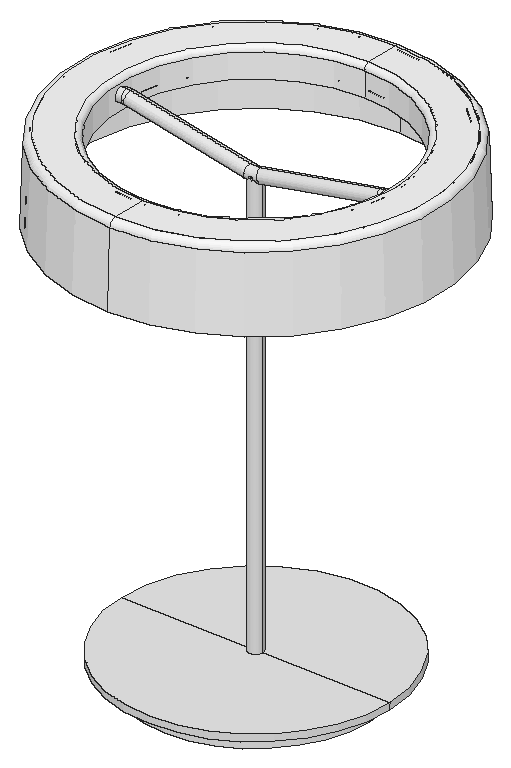
Revit family "Indoor_Table Lamp_Santa&Cole_Sin S-L", category Luminarias, Revit 2018
Family settings
  Cota de conector redondo = Diámetro de uso
  Tipo de pieza = Normal
  Número OmniClass = 23.80.70.00
  Título OmniClass = Lighting
  Se basa en plano de trabajo = No
  Siempre vertical = Sí
  Corte con vacíos al cargar = No
  Origen de luz = Sí
  Compartido = No
  Punto de cálculo de habitación = No
Parameters (values of type "Sin S - S&C White Metal Structure with Methacrylate Lampshade")
  Ángulo de inclinación = 90.00°  # constant formula
  Visibility_Sin S = yes
  Visibility_Sin L = no
  Visibility_Lampshade_Sin S = yes
  Visibility_Lampshade_Sin L = no
  Wattage = 4.72594 W
  Technical Information = "https://www.santacole.com/recursos/productos/downloads/pdf_espec_tecnicas/SC_SIN_data%20sheet.pdf"
  Structure Material = Santa & Cole - White Matte Finish
  built-in parameter 1150110 = 1 (stored number, unit not read)
  URL = "https://www.santacole.com/en/catalogue/table-lamps/sin"
  Manufacturer website = "http://www.santacole.com"
  Light Source Elevation = 340 mm
  Lampshade Material = Santa & Cole - White Methacrylate
  Forma visible en renderización = no
  built-in parameter 1114217 = 0.2 (stored number, unit not read)
  built-in parameter 1150109 = 1 (stored number, unit not read)
  Energy Label = "https://www.santacole.com/recursos/productos/downloads/pdf_energy_label/Energy%20Label_SIN_LED_no%20changed.pdf"
  Diámetro de círculo de emisión = 250 mm
  Designed by = "Antoni Arola. 2013"
  Contact phone = "+34.938.619.100"
  Contact e-mail = "info@santacole.com"
  built-in parameter 1150134 = (empty or 0)
  built-in parameter 1150113 = 1 (stored number, unit not read)
  Modelo = "Sin"
  Fabricante = "Santa & Cole"
  Lumens = 702 lm
  built-in parameter 1150115 = 1 (stored number, unit not read)
  built-in parameter 1150105 = 55.863 (stored number, unit not read)
  Load = 12.5 W
  built-in parameter 1150137 = (empty or 0)
  built-in parameter 1150139 = (empty or 0)
  built-in parameter 1150112 = 1 (stored number, unit not read)
  built-in parameter 1150114 = 1 (stored number, unit not read)
  Lamp = ""
  built-in parameter 1150132 = 2
  built-in parameter 1150102 = (empty or 0)
  built-in parameter 1150138 = (empty or 0)
  built-in parameter 1150107 = 2700 (stored number, unit not read)
  built-in parameter 1150106 = 0.55863 (stored number, unit not read)
  built-in parameter 1150104 = 13.8 (stored number, unit not read)
  Code = "SIN2x+SINSx"
  Dimming Lamp Color Temperature Shift = (empty or 0)
  Color Filter = 16777215
  built-in parameter 1114218 = 1 (stored number, unit not read)
  Assembly instructions - UL = "https://www.santacole.com/recursos/productos/downloads/pdf_montaje/SIN_Sobremesa_im_UL.pdf"
  Assembly instructions - CE = "https://www.santacole.com/recursos/productos/downloads/pdf_montaje/SIN_Sobremesa_%20im.pdf"
  Archivo de red fotométrica = "SIN2x+SINS1.IES"
  built-in parameter 1150133 = 10 (stored number, unit not read)
  Apparent Load = 12.5 VA
Types (10, lengths in mm): name | Visibility_Sin S | Visibility_Sin L | Visibility_Lampshade_Sin S | Visibility_Lampshade_Sin L | Wattage | Structure Material | Light Source Elevation | Lampshade Material | Diámetro de círculo de emisión | Lumens | built-in parameter 1150105 | Load | built-in parameter 1150106 | Code | Archivo de red fotométrica | Apparent Load
  Sin L - S&C White Metal Structure with Methacrylate Lampshade | no | yes | no | yes | 9.45187 W | Santa & Cole - White Matte Finish | 560 | Santa & Cole - White Methacrylate | 50 | 1404 lm | 111.73 (stored number, unit not read) | 25 W | 1.1173 (stored number, unit not read) | "SIN2x" | "SIN3x+SINL1.IES" | 25 VA
  Sin L - S&C White Metal Structure with Aluminium Lampshade | no | yes | no | yes | 9.45187 W | Santa & Cole - White Matte Finish | 560 | Santa & Cole - Aluminium | 50 | 1404 lm | 111.73 (stored number, unit not read) | 25 W | 1.1173 (stored number, unit not read) | "SIN3x+SINLx" | "SIN3x+SINL1.IES" | 25 VA
  Sin L - S&C White Metal Structure | no | yes | no | no | 9.45187 W | Santa & Cole - White Matte Finish | 560 | Santa & Cole - Aluminium | 50 | 1404 lm | 111.73 (stored number, unit not read) | 25 W | 1.1173 (stored number, unit not read) | "SIN3x" | "SIN3x.IES" | 25 VA
  Sin L - Graphite Metal Structure | no | yes | no | no | 9.45187 W | Santa & Cole - Metallic Graphite Grey | 560 | Santa & Cole - Aluminium | 50 | 1404 lm | 111.73 (stored number, unit not read) | 25 W | 1.1173 (stored number, unit not read) | "SIN3x" | "SIN3x.IES" | 25 VA
  Sin L - Graphite Metal Structure with Aluminium Lampshade | no | yes | no | yes | 9.45187 W | Santa & Cole - Metallic Graphite Grey | 560 | Santa & Cole - Aluminium | 50 | 1404 lm | 111.73 (stored number, unit not read) | 25 W | 1.1173 (stored number, unit not read) | "SIN3x+SINLx" | "SIN3x+SINL1.IES" | 25 VA
  Sin S - Graphite Metal Structure | yes | no | no | no | 4.72594 W | Santa & Cole - Metallic Graphite Grey | 360 | Santa & Cole - Aluminium | 50 | 702 lm | 55.863 (stored number, unit not read) | 12.5 W | 0.55863 (stored number, unit not read) | "SIN2x" | "SIN2x.IES" | 12.5 VA
  Sin S - Graphite Metal Structure with Aluminium Lampshade | yes | no | yes | no | 4.72594 W | Santa & Cole - Metallic Graphite Grey | 360 | Santa & Cole - Aluminium | 50 | 702 lm | 55.863 (stored number, unit not read) | 12.5 W | 0.55863 (stored number, unit not read) | "SIN2x+SINSx" | "SIN2x+SINS1.IES" | 12.5 VA
  Sin S - S&C White Metal Structure | yes | no | no | no | 4.72594 W | Santa & Cole - White Matte Finish | 360 | Santa & Cole - Aluminium | 50 | 702 lm | 55.863 (stored number, unit not read) | 12.5 W | 0.55863 (stored number, unit not read) | "SIN2x" | "SIN2x.IES" | 12.5 VA
  Sin S - S&C White Metal Structure with Aluminium Lampshade | yes | no | yes | no | 4.72594 W | Santa & Cole - White Matte Finish | 360 | Santa & Cole - Aluminium | 50 | 702 lm | 55.863 (stored number, unit not read) | 12.5 W | 0.55863 (stored number, unit not read) | "SIN2x+SINSx" | "SIN2x+SINS1.IES" | 12.5 VA
  Sin S - S&C White Metal Structure with Methacrylate Lampshade | yes | no | yes | no | 4.72594 W | Santa & Cole - White Matte Finish | 340 | Santa & Cole - White Methacrylate | 250 | 702 lm | 55.863 (stored number, unit not read) | 12.5 W | 0.55863 (stored number, unit not read) | "SIN2x+SINSx" | "SIN2x+SINS1.IES" | 12.5 VA
Reference planes
  plane 1 "Light Source Axis (F/B)": y = 0
  plane 2: z = 0
  plane 3 "Light Source Axis (L/R)": x = 0
  plane 4 "Light Source Elevation": z = 340
Forms (mm)
  Revolve 1, solid, material "Santa & Cole - White Matte Finish" <- "Structure Material", visible <- "Visibility_Sin L"
    sketch origin (0, 0, 0) x (1, 0, 0) y (0, 0, 1)
      loop
        line (-5, 531.977) -> (-5, 188) -> (-6, 188) -> (-6, 18) -> (-150, 18) -> (-150, 13) -> (-135, 13) -> (-135, 0) -> (0, 0) -> (0, 531.977) -> (-5, 531.977)
      axis (0, 0) -> (0, 531.977)
    angle from 0 to 360
  Revolve 2, solid, material "Santa & Cole - White Matte Finish" <- "Structure Material", visible <- "Visibility_Sin L"
    sketch origin (0, 0, 0) x (0, 1, 0) y (0, 0, 1)
      loop
        line (227, 570.5) -> (227, 574.5)
        arc (227, 574.5) -> (226.414, 575.914) -> (225, 576.5) r 2
        line (225, 576.5) -> (206.5, 576.5)
        arc (206.5, 576.5) -> (205.086, 575.914) -> (204.5, 574.5) r 2
        line (204.5, 574.5) -> (204.5, 560.885)
        arc (204.5, 560.885) -> (204.871, 560.108) -> (205.708, 559.907) r 1
        line (205.708, 559.907) -> (225.336, 564.079)
        arc (225.336, 564.079) -> (226.464, 564.763) -> (226.921, 566) r 2
        line (226.921, 566) -> (227, 570.5)
      axis (0, 559.907) -> (0, 576.5)
    angle from 0 to 360
  Sweep 3, solid, material "Santa & Cole - White Matte Finish" <- "Structure Material", visible <- "Visibility_Sin L"
    path origin (0, 0, 0) x (1, 0, 0) y (0, 0, 1)
      loop
        line (-204.5, 574.15) -> (-196, 574.15)
        arc (-196, 574.15) -> (-194.562, 574.081) -> (-193.138, 573.874) r 15
        line (-193.138, 573.874) -> (-4.007, 537.111)
        arc (-4.007, 537.111) -> (0, 536.725) -> (4.007, 537.111) r 21
        line (4.007, 537.111) -> (193.138, 573.874)
        arc (193.138, 573.874) -> (194.562, 574.081) -> (196, 574.15) r 15
        line (196, 574.15) -> (204.5, 574.15)
    profile origin (-98.572, 0, 555.493) x (0.190809, 0, 0.981627) y (0, -1, 0)
      loop
        circle (-5, 0) r 5
  Revolve 4, solid, material "Santa & Cole - White Methacrylate" <- "Lampshade Material", visible <- "Visibility_Lampshade_Sin L"
    sketch origin (0, 0, 0) x (0, 1, 0) y (0, 0, 1)
      loop
        arc (202.5, 578) -> (201.793, 577.707) -> (201.5, 577) r 1
        line (201.5, 577) -> (201.5, 557.5) -> (203, 557.5) -> (203, 575.5)
        arc (203, 575.5) -> (203.293, 576.207) -> (204, 576.5) r 1
        line (204, 576.5) -> (232.986, 576.5)
        arc (232.986, 576.5) -> (233.693, 576.207) -> (233.986, 575.499) r 1.001
        line (233.986, 575.499) -> (237.339, 479.5) -> (238.84, 479.5) -> (235.433, 577.069)
        arc (235.433, 577.069) -> (235.139, 577.729) -> (234.469, 578) r 0.965
        line (234.469, 578) -> (202.5, 578)
      axis (0, 479.5) -> (0, 578)
    angle from 0 to 360
  Revolve 5, solid, material "Santa & Cole - White Matte Finish" <- "Structure Material", visible <- "Visibility_Sin S"
    sketch origin (0, 0, 0) x (1, 0, 0) y (0, 0, 1)
      loop
        line (-5, 18.03) -> (-100, 18.03) -> (-100, 13.03) -> (-85, 13.03) -> (-85, 0) -> (0, 0) -> (0, 335.83) -> (-5, 335.83) -> (-5, 18.03)
      axis (0, 0) -> (0, 335.83)
    angle from 0 to 360
  Revolve 6, solid, material "Santa & Cole - White Methacrylate" <- "Lampshade Material", visible <- "Visibility_Lampshade_Sin S"
    sketch origin (0, 0, 0) x (0, 1, 0) y (0, 0, 1)
      loop
        line (130.572, 364.18) -> (105.5, 364.18)
        arc (105.5, 364.18) -> (102.672, 363.008) -> (101.5, 360.18) r 4
        line (101.5, 360.18) -> (101.5, 342.18) -> (104.5, 342.18) -> (104.5, 360.18)
        arc (104.5, 360.18) -> (104.793, 360.887) -> (105.5, 361.18) r 1
        line (105.5, 361.18) -> (130.64, 361.18)
        arc (130.64, 361.18) -> (131.981, 360.638) -> (132.569, 359.317) r 1.93
        line (132.569, 359.317) -> (134.493, 304.18) -> (137.495, 304.18) -> (135.569, 359.354)
        arc (135.569, 359.354) -> (134.045, 362.777) -> (130.572, 364.18) r 5
      axis (0, 304.18) -> (0, 364.18)
    angle from 0 to 360
  Revolve 7, solid, material "Santa & Cole - White Matte Finish" <- "Structure Material", visible <- "Visibility_Sin S"
    sketch origin (0, 0, 0) x (0, 1, 0) y (0, 0, 1)
      loop
        line (127.5, 355.18) -> (127.5, 359.18)
        arc (127.5, 359.18) -> (126.914, 360.594) -> (125.5, 361.18) r 2
        line (125.5, 361.18) -> (107, 361.18)
        arc (107, 361.18) -> (105.586, 360.594) -> (105, 359.18) r 2
        line (105, 359.18) -> (105, 345.515)
        arc (105, 345.515) -> (105.371, 344.738) -> (106.208, 344.537) r 1
        line (106.208, 344.537) -> (125.837, 348.709)
        arc (125.837, 348.709) -> (126.964, 349.393) -> (127.421, 350.63) r 2
        line (127.421, 350.63) -> (127.5, 355.18)
      axis (0, 344.537) -> (0, 361.18)
    angle from 0 to 360
  Sweep 8, solid, material "Santa & Cole - White Matte Finish" <- "Structure Material", visible <- "Visibility_Sin S"
    path origin (0, 0, 0) x (1, 0, 0) y (0, 0, 1)
      loop
        line (-105, 358.83) -> (-96.057, 358.83)
        arc (-96.057, 358.83) -> (-94.62, 358.761) -> (-93.195, 358.554) r 15
        line (-93.195, 358.554) -> (-3.985, 341.214)
        arc (-3.985, 341.214) -> (0, 340.83) -> (3.985, 341.214) r 20.886
        line (3.985, 341.214) -> (93.195, 358.554)
        arc (93.195, 358.554) -> (94.62, 358.761) -> (96.057, 358.83) r 15
        line (96.057, 358.83) -> (105, 358.83)
    profile origin (-48.59, 0, 349.884) x (0.190809, 0, 0.981627) y (0, -1, 0)
      loop
        circle (-5, 0) r 5
  Revolve 9, solid, material "Santa & Cole - White Matte Finish" <- "Structure Material", visible <- "Visibility_Sin L", not visible
    sketch origin (0, 0, 0) x (1, 0, 0) y (0, 0, 1)
      loop
        line (-5, 531.977) -> (-5, 188) -> (-6, 188) -> (-6, 18) -> (-150, 18) -> (-150, 13) -> (-135, 13) -> (-135, 0) -> (0, 0) -> (0, 531.977) -> (-5, 531.977)
      axis (0, 0) -> (0, 531.977)
    angle from 0 to 360
  Revolve 10, solid, material "Santa & Cole - White Matte Finish" <- "Structure Material", visible <- "Visibility_Sin L", not visible
    sketch origin (0, 0, 0) x (0, 1, 0) y (0, 0, 1)
      loop
        line (227, 570.5) -> (227, 574.5)
        arc (227, 574.5) -> (226.414, 575.914) -> (225, 576.5) r 2
        line (225, 576.5) -> (206.5, 576.5)
        arc (206.5, 576.5) -> (205.086, 575.914) -> (204.5, 574.5) r 2
        line (204.5, 574.5) -> (204.5, 560.885)
        arc (204.5, 560.885) -> (204.871, 560.108) -> (205.708, 559.907) r 1
        line (205.708, 559.907) -> (225.336, 564.079)
        arc (225.336, 564.079) -> (226.464, 564.763) -> (226.921, 566) r 2
        line (226.921, 566) -> (227, 570.5)
      axis (0, 559.907) -> (0, 576.5)
    angle from 0 to 360
  Sweep 11, solid, material "Santa & Cole - White Matte Finish" <- "Structure Material", visible <- "Visibility_Sin L", not visible
    path origin (0, 0, 0) x (1, 0, 0) y (0, 0, 1)
      loop
        line (-204.5, 574.15) -> (-196, 574.15)
        arc (-196, 574.15) -> (-194.562, 574.081) -> (-193.138, 573.874) r 15
        line (-193.138, 573.874) -> (-4.007, 537.111)
        arc (-4.007, 537.111) -> (0, 536.725) -> (4.007, 537.111) r 21
        line (4.007, 537.111) -> (193.138, 573.874)
        arc (193.138, 573.874) -> (194.562, 574.081) -> (196, 574.15) r 15
        line (196, 574.15) -> (204.5, 574.15)
    profile origin (-98.572, 0, 555.493) x (0.190809, 0, 0.981627) y (0, -1, 0)
      loop
        circle (-5, 0) r 5
  Revolve 12, solid, material "Santa & Cole - White Methacrylate" <- "Lampshade Material", visible <- "Visibility_Lampshade_Sin L", not visible
    sketch origin (0, 0, 0) x (0, 1, 0) y (0, 0, 1)
      loop
        arc (202.5, 578) -> (201.793, 577.707) -> (201.5, 577) r 1
        line (201.5, 577) -> (201.5, 557.5) -> (203, 557.5) -> (203, 575.5)
        arc (203, 575.5) -> (203.293, 576.207) -> (204, 576.5) r 1
        line (204, 576.5) -> (232.986, 576.5)
        arc (232.986, 576.5) -> (233.693, 576.207) -> (233.986, 575.499) r 1.001
        line (233.986, 575.499) -> (237.339, 479.5) -> (238.84, 479.5) -> (235.433, 577.069)
        arc (235.433, 577.069) -> (235.139, 577.729) -> (234.469, 578) r 0.965
        line (234.469, 578) -> (202.5, 578)
      axis (0, 479.5) -> (0, 578)
    angle from 0 to 360
  Revolve 13, solid, material "Santa & Cole - White Matte Finish" <- "Structure Material", visible <- "Visibility_Sin S", not visible
    sketch origin (0, 0, 0) x (1, 0, 0) y (0, 0, 1)
      loop
        line (-5, 18.03) -> (-100, 18.03) -> (-100, 13.03) -> (-85, 13.03) -> (-85, 0) -> (0, 0) -> (0, 335.83) -> (-5, 335.83) -> (-5, 18.03)
      axis (0, 0) -> (0, 335.83)
    angle from 0 to 360
  Revolve 14, solid, material "Santa & Cole - White Methacrylate" <- "Lampshade Material", visible <- "Visibility_Lampshade_Sin S", not visible
    sketch origin (0, 0, 0) x (0, 1, 0) y (0, 0, 1)
      loop
        line (130.572, 364.18) -> (105.5, 364.18)
        arc (105.5, 364.18) -> (102.672, 363.008) -> (101.5, 360.18) r 4
        line (101.5, 360.18) -> (101.5, 342.18) -> (104.5, 342.18) -> (104.5, 360.18)
        arc (104.5, 360.18) -> (104.793, 360.887) -> (105.5, 361.18) r 1
        line (105.5, 361.18) -> (130.64, 361.18)
        arc (130.64, 361.18) -> (131.981, 360.638) -> (132.569, 359.317) r 1.93
        line (132.569, 359.317) -> (134.493, 304.18) -> (137.495, 304.18) -> (135.569, 359.354)
        arc (135.569, 359.354) -> (134.045, 362.777) -> (130.572, 364.18) r 5
      axis (0, 304.18) -> (0, 364.18)
    angle from 0 to 360
  Revolve 15, solid, material "Santa & Cole - White Matte Finish" <- "Structure Material", visible <- "Visibility_Sin S", not visible
    sketch origin (0, 0, 0) x (0, 1, 0) y (0, 0, 1)
      loop
        line (127.5, 355.18) -> (127.5, 359.18)
        arc (127.5, 359.18) -> (126.914, 360.594) -> (125.5, 361.18) r 2
        line (125.5, 361.18) -> (107, 361.18)
        arc (107, 361.18) -> (105.586, 360.594) -> (105, 359.18) r 2
        line (105, 359.18) -> (105, 345.515)
        arc (105, 345.515) -> (105.371, 344.738) -> (106.208, 344.537) r 1
        line (106.208, 344.537) -> (125.837, 348.709)
        arc (125.837, 348.709) -> (126.964, 349.393) -> (127.421, 350.63) r 2
        line (127.421, 350.63) -> (127.5, 355.18)
      axis (0, 344.537) -> (0, 361.18)
    angle from 0 to 360
  Sweep 16, solid, material "Santa & Cole - White Matte Finish" <- "Structure Material", visible <- "Visibility_Sin S", not visible
    path origin (0, 0, 0) x (1, 0, 0) y (0, 0, 1)
      loop
        line (-105, 358.83) -> (-96.057, 358.83)
        arc (-96.057, 358.83) -> (-94.62, 358.761) -> (-93.195, 358.554) r 15
        line (-93.195, 358.554) -> (-3.985, 341.214)
        arc (-3.985, 341.214) -> (0, 340.83) -> (3.985, 341.214) r 20.886
        line (3.985, 341.214) -> (93.195, 358.554)
        arc (93.195, 358.554) -> (94.62, 358.761) -> (96.057, 358.83) r 15
        line (96.057, 358.83) -> (105, 358.83)
    profile origin (-48.59, 0, 349.884) x (0.190809, 0, 0.981627) y (0, -1, 0)
      loop
        circle (-5, 0) r 5
Lines and regions (mm)
  model lines, style "Predeterminado", not visible
    curve 1: line (0, -3.75, 375) -> (0, 3.75, 375)
    curve 2: line (0, 3.75, 375) -> (0, -3.75, 375)
    curve 3: line (0, 15, 86.75) -> (0, -15, 86.75)
    curve 4: line (0, -10, 65) -> (0, -15, 82.176)
    curve 5: line (0, -10, 25) -> (0, -10, 65)
    curve 6: line (0, 6.344, 17.27) -> (0, 10, 25)
    curve 7: line (0, -1.951, 15.192) -> (0, 6.344, 17.27)
    curve 8: line (0, -10, 25) -> (0, -1.951, 15.192)
    curve 9: line (0, 10, 25) -> (0, 10, 65)
    curve 10: line (0, 15, 82.176) -> (0, 10, 65)
    curve 11: line (0, 15, 86.75) -> (0, -15, 86.75)
Dimensions and locks
  "Light Source Elevation": plane 4 "Light Source Elevation" to plane 2
  aligned and locked: plane 3 "Light Source Axis (L/R)" to imposter light
  aligned and locked: plane 1 "Light Source Axis (F/B)" to imposter light
  aligned and locked: plane 4 "Light Source Elevation" to imposter light
  aligned and locked: level to plane 2
Automatic sketch dimensions
  Revolve 1 sketch curve to Revolve 1 sketch curve = 129 mm
  Revolve 1 sketch curve to Revolve 1 sketch curve = 15 mm
  Revolve 1 sketch curve to Revolve 1 sketch curve = 5 mm  (x2)
  Revolve 1 sketch curve to Revolve 1 sketch curve = 170 mm
  Revolve 1 sketch curve to Revolve 1 sketch curve = 67.2 mm
  Revolve 1 sketch curve to Revolve 1 sketch curve = 332.823 mm
  Revolve 2 sketch curve to Revolve 2 sketch curve = 1 mm
  Revolve 2 sketch curve to Revolve 2 sketch curve = 0.208 mm
  Revolve 2 sketch curve to Revolve 2 sketch curve = 2 mm  (x3)
  Revolve 2 sketch curve to Revolve 2 sketch curve = 19.42 mm
  Revolve 2 sketch curve to Revolve 2 sketch curve = 0.08 mm
  Revolve 2 sketch curve to Revolve 2 sketch curve = 0.416 mm
  Revolve 2 sketch curve to Revolve 2 sketch curve = 3.194 mm
  Revolve 2 sketch curve to Revolve 2 sketch curve = 4.5 mm
  Revolve 2 sketch curve to Revolve 2 sketch curve = 4 mm
  Revolve 2 sketch curve to Revolve 2 sketch curve = 288.3 mm
  Sweep 3 sketch curve to Sweep 3 sketch curve = 189.131 mm  (x2)
  Sweep 3 sketch curve to Sweep 3 sketch curve = 2.862 mm  (x2)
  Sweep 3 sketch curve to Sweep 3 sketch curve = 20.614 mm
  Sweep 3 sketch curve to Sweep 3 sketch curve = 14.724 mm  (x2)
  Sweep 3 sketch curve to Sweep 3 sketch curve = 8.5 mm  (x2)
  profile plane to Sweep 3 sketch curve = 5 mm
  Revolve 4 sketch curve to Revolve 4 sketch curve = 1 mm  (x2)
  Revolve 4 sketch curve to Revolve 4 sketch curve = 1.5 mm  (x2)
  Revolve 4 sketch curve to Revolve 4 sketch curve = 28.986 mm
  Revolve 4 sketch curve to Revolve 4 sketch curve = 1.001 mm
  Revolve 4 sketch curve to Revolve 4 sketch curve = 1.483 mm
  Revolve 4 sketch curve to Revolve 4 sketch curve = 0.965 mm  (x2)
  Revolve 4 sketch curve to Revolve 4 sketch curve = 34.339 mm
  Revolve 4 sketch curve to Revolve 4 sketch curve = 1.501 mm
  Revolve 4 sketch curve to Revolve 4 sketch curve = 18 mm
  Revolve 4 sketch curve to Revolve 4 sketch curve = 286.8 mm
  Revolve 5 sketch curve to Revolve 5 sketch curve = 80 mm
  Revolve 5 sketch curve to Revolve 5 sketch curve = 15 mm
  Revolve 5 sketch curve to Revolve 5 sketch curve = 5 mm  (x2)
  Revolve 5 sketch curve to Revolve 5 sketch curve = 80.63 mm
  Revolve 6 sketch curve to Revolve 6 sketch curve = 0 mm  (x4)
  Revolve 6 sketch curve to Revolve 6 sketch curve = 3 mm
  Revolve 6 sketch curve to Revolve 6 sketch curve = 1 mm
  Revolve 6 sketch curve to Revolve 6 sketch curve = 25.072 mm
  Revolve 6 sketch curve to Revolve 6 sketch curve = 0.069 mm
  Revolve 6 sketch curve to Revolve 6 sketch curve = 1.929 mm
  Revolve 6 sketch curve to Revolve 6 sketch curve = 29.993 mm
  Revolve 6 sketch curve to Revolve 6 sketch curve = 2.999 mm
  Revolve 6 sketch curve to Revolve 6 sketch curve = 3.002 mm
  Revolve 6 sketch curve to Revolve 6 sketch curve = 0.067 mm
  Revolve 6 sketch curve to Revolve 6 sketch curve = 18 mm
  Revolve 6 sketch curve to Revolve 6 sketch curve = 38 mm
  Revolve 6 sketch curve to Revolve 6 sketch curve = 86.98 mm
  Revolve 7 sketch curve to Revolve 7 sketch curve = 1 mm
  Revolve 7 sketch curve to Revolve 7 sketch curve = 0.208 mm
  Revolve 7 sketch curve to Revolve 7 sketch curve = 2 mm  (x3)
  Revolve 7 sketch curve to Revolve 7 sketch curve = 19.421 mm
  Revolve 7 sketch curve to Revolve 7 sketch curve = 0.079 mm
  Revolve 7 sketch curve to Revolve 7 sketch curve = 0.416 mm
  Revolve 7 sketch curve to Revolve 7 sketch curve = 5.15 mm
  Revolve 7 sketch curve to Revolve 7 sketch curve = 4.55 mm
  Revolve 7 sketch curve to Revolve 7 sketch curve = 13.665 mm
  Revolve 7 sketch curve to Revolve 7 sketch curve = 90.315 mm
  Sweep 8 sketch curve to Sweep 8 sketch curve = 89.21 mm  (x2)
  Sweep 8 sketch curve to Sweep 8 sketch curve = 2.862 mm  (x2)
  Sweep 8 sketch curve to Sweep 8 sketch curve = 14.724 mm  (x2)
  Sweep 8 sketch curve to Sweep 8 sketch curve = 20.503 mm
  Sweep 8 sketch curve to Sweep 8 sketch curve = 8.943 mm  (x2)
  profile plane to Sweep 8 sketch curve = 5 mm
  Revolve 1 sketch curve to Revolve 1 sketch curve = 1 mm
  Revolve 1 sketch curve to Revolve 1 sketch curve = 6 mm
  Revolve 1 sketch curve to Revolve 1 sketch curve = 13 mm
  Revolve 1 sketch curve to Revolve 1 sketch curve = 276.777 mm
  Revolve 2 sketch curve to Revolve 2 sketch curve = 1.921 mm
  Revolve 2 sketch curve to Revolve 2 sketch curve = 206.5 mm
  Revolve 2 sketch curve to Revolve 2 sketch curve = 304.707 mm
  Sweep 3 sketch curve to Sweep 3 sketch curve = 4.007 mm
  Sweep 3 sketch curve to Sweep 3 sketch curve = 8.014 mm
  Sweep 3 sketch curve to Sweep 3 sketch curve = 22.039 mm  (x2)
  Sweep 3 sketch curve to profile plane = 0 mm
  Revolve 4 sketch curve to Revolve 4 sketch curve = 78 mm
  Revolve 4 sketch curve to Revolve 4 sketch curve = 202.5 mm
  Revolve 4 sketch curve to Revolve 4 sketch curve = 224.3 mm
  Revolve 5 sketch curve to Revolve 5 sketch curve = 13.03 mm
  Revolve 5 sketch curve to Revolve 5 sketch curve = 317.8 mm
  Revolve 5 sketch curve to Revolve 5 sketch curve = 0 mm
  Revolve 5 sketch curve to Revolve 5 sketch curve = 528.97 mm
  Revolve 6 sketch curve to Revolve 6 sketch curve = 0.07 mm
  Revolve 6 sketch curve to Revolve 6 sketch curve = 105.5 mm
  Revolve 6 sketch curve to Revolve 6 sketch curve = 500.62 mm
  Revolve 7 sketch curve to Revolve 7 sketch curve = 1.956 mm
  Revolve 7 sketch curve to Revolve 7 sketch curve = 107 mm
  Revolve 7 sketch curve to Revolve 7 sketch curve = 503.62 mm
  Sweep 8 sketch curve to Sweep 8 sketch curve = 3.985 mm
  Sweep 8 sketch curve to Sweep 8 sketch curve = 7.971 mm
  Sweep 8 sketch curve to Sweep 8 sketch curve = 2.616 mm  (x2)
  Sweep 8 sketch curve to profile plane = 0 mm
  Revolve 9 sketch curve to Revolve 9 sketch curve = 129 mm
  Revolve 9 sketch curve to Revolve 9 sketch curve = 15 mm
  Revolve 9 sketch curve to Revolve 9 sketch curve = 5 mm  (x2)
  Revolve 9 sketch curve to Revolve 9 sketch curve = 170 mm
  Revolve 9 sketch curve to Revolve 9 sketch curve = 67.2 mm
  Revolve 9 sketch curve to Revolve 9 sketch curve = 332.823 mm
  Revolve 10 sketch curve to Revolve 10 sketch curve = 1 mm
  Revolve 10 sketch curve to Revolve 10 sketch curve = 0.208 mm
  Revolve 10 sketch curve to Revolve 10 sketch curve = 2 mm  (x3)
  Revolve 10 sketch curve to Revolve 10 sketch curve = 19.42 mm
  Revolve 10 sketch curve to Revolve 10 sketch curve = 0.08 mm
  Revolve 10 sketch curve to Revolve 10 sketch curve = 0.416 mm
  Revolve 10 sketch curve to Revolve 10 sketch curve = 3.194 mm
  Revolve 10 sketch curve to Revolve 10 sketch curve = 4.5 mm
  Revolve 10 sketch curve to Revolve 10 sketch curve = 4 mm
  Revolve 10 sketch curve to Revolve 10 sketch curve = 288.3 mm
  Sweep 11 sketch curve to Sweep 11 sketch curve = 189.131 mm  (x2)
  Sweep 11 sketch curve to Sweep 11 sketch curve = 2.862 mm  (x2)
  Sweep 11 sketch curve to Sweep 11 sketch curve = 20.614 mm
  Sweep 11 sketch curve to Sweep 11 sketch curve = 14.724 mm  (x2)
  Sweep 11 sketch curve to Sweep 11 sketch curve = 8.5 mm  (x2)
  profile plane to Sweep 11 sketch curve = 5 mm
  Revolve 12 sketch curve to Revolve 12 sketch curve = 1 mm  (x2)
  Revolve 12 sketch curve to Revolve 12 sketch curve = 1.5 mm  (x2)
  Revolve 12 sketch curve to Revolve 12 sketch curve = 28.986 mm
  Revolve 12 sketch curve to Revolve 12 sketch curve = 1.001 mm
  Revolve 12 sketch curve to Revolve 12 sketch curve = 1.483 mm
  Revolve 12 sketch curve to Revolve 12 sketch curve = 0.965 mm  (x2)
  Revolve 12 sketch curve to Revolve 12 sketch curve = 34.339 mm
  Revolve 12 sketch curve to Revolve 12 sketch curve = 1.501 mm
  Revolve 12 sketch curve to Revolve 12 sketch curve = 18 mm
  Revolve 12 sketch curve to Revolve 12 sketch curve = 286.8 mm
  Revolve 13 sketch curve to Revolve 13 sketch curve = 80 mm
  Revolve 13 sketch curve to Revolve 13 sketch curve = 15 mm
  Revolve 13 sketch curve to Revolve 13 sketch curve = 5 mm  (x2)
  Revolve 13 sketch curve to Revolve 13 sketch curve = 80.63 mm
  Revolve 14 sketch curve to Revolve 14 sketch curve = 0 mm  (x4)
  Revolve 14 sketch curve to Revolve 14 sketch curve = 3 mm
  Revolve 14 sketch curve to Revolve 14 sketch curve = 1 mm
  Revolve 14 sketch curve to Revolve 14 sketch curve = 25.072 mm
  Revolve 14 sketch curve to Revolve 14 sketch curve = 0.069 mm
  Revolve 14 sketch curve to Revolve 14 sketch curve = 1.929 mm
  Revolve 14 sketch curve to Revolve 14 sketch curve = 29.993 mm
  Revolve 14 sketch curve to Revolve 14 sketch curve = 2.999 mm
  Revolve 14 sketch curve to Revolve 14 sketch curve = 3.002 mm
  Revolve 14 sketch curve to Revolve 14 sketch curve = 0.067 mm
  Revolve 14 sketch curve to Revolve 14 sketch curve = 18 mm
  Revolve 14 sketch curve to Revolve 14 sketch curve = 38 mm
  Revolve 14 sketch curve to Revolve 14 sketch curve = 86.98 mm
  Revolve 15 sketch curve to Revolve 15 sketch curve = 1 mm
  Revolve 15 sketch curve to Revolve 15 sketch curve = 0.208 mm
  Revolve 15 sketch curve to Revolve 15 sketch curve = 2 mm  (x3)
  Revolve 15 sketch curve to Revolve 15 sketch curve = 19.421 mm
  Revolve 15 sketch curve to Revolve 15 sketch curve = 0.079 mm
  Revolve 15 sketch curve to Revolve 15 sketch curve = 0.416 mm
  Revolve 15 sketch curve to Revolve 15 sketch curve = 5.15 mm
  Revolve 15 sketch curve to Revolve 15 sketch curve = 4.55 mm
  Revolve 15 sketch curve to Revolve 15 sketch curve = 13.665 mm
  Revolve 15 sketch curve to Revolve 15 sketch curve = 90.315 mm
  Sweep 16 sketch curve to Sweep 16 sketch curve = 89.21 mm  (x2)
  Sweep 16 sketch curve to Sweep 16 sketch curve = 2.862 mm  (x2)
  Sweep 16 sketch curve to Sweep 16 sketch curve = 14.724 mm  (x2)
  Sweep 16 sketch curve to Sweep 16 sketch curve = 20.503 mm
  Sweep 16 sketch curve to Sweep 16 sketch curve = 8.943 mm  (x2)
  profile plane to Sweep 16 sketch curve = 5 mm
  Revolve 9 sketch curve to Revolve 9 sketch curve = 1 mm
  Revolve 9 sketch curve to Revolve 9 sketch curve = 6 mm
  Revolve 9 sketch curve to Revolve 9 sketch curve = 13 mm
  Revolve 9 sketch curve to Revolve 9 sketch curve = 276.777 mm
  Revolve 10 sketch curve to Revolve 10 sketch curve = 1.921 mm
  Revolve 10 sketch curve to Revolve 10 sketch curve = 206.5 mm
  Revolve 10 sketch curve to Revolve 10 sketch curve = 304.707 mm
  Sweep 11 sketch curve to Sweep 11 sketch curve = 4.007 mm
  Sweep 11 sketch curve to Sweep 11 sketch curve = 8.014 mm
  Sweep 11 sketch curve to Sweep 11 sketch curve = 22.039 mm  (x2)
  Sweep 11 sketch curve to profile plane = 0 mm
  Revolve 12 sketch curve to Revolve 12 sketch curve = 78 mm
  Revolve 12 sketch curve to Revolve 12 sketch curve = 202.5 mm
  Revolve 12 sketch curve to Revolve 12 sketch curve = 224.3 mm
  Revolve 13 sketch curve to Revolve 13 sketch curve = 13.03 mm
  Revolve 13 sketch curve to Revolve 13 sketch curve = 317.8 mm
  Revolve 13 sketch curve to Revolve 13 sketch curve = 0 mm
  Revolve 13 sketch curve to Revolve 13 sketch curve = 528.97 mm
  Revolve 14 sketch curve to Revolve 14 sketch curve = 0.07 mm
  Revolve 14 sketch curve to Revolve 14 sketch curve = 105.5 mm
  Revolve 14 sketch curve to Revolve 14 sketch curve = 500.62 mm
  Revolve 15 sketch curve to Revolve 15 sketch curve = 1.956 mm
  Revolve 15 sketch curve to Revolve 15 sketch curve = 107 mm
  Revolve 15 sketch curve to Revolve 15 sketch curve = 503.62 mm
  Sweep 16 sketch curve to Sweep 16 sketch curve = 3.985 mm
  Sweep 16 sketch curve to Sweep 16 sketch curve = 7.971 mm
  Sweep 16 sketch curve to Sweep 16 sketch curve = 2.616 mm  (x2)
  Sweep 16 sketch curve to profile plane = 0 mm
  radius of Sweep 3 sketch curve = 5 mm
  radius of Sweep 8 sketch curve = 5 mm
  radius of Sweep 11 sketch curve = 5 mm
  radius of Sweep 16 sketch curve = 5 mm
